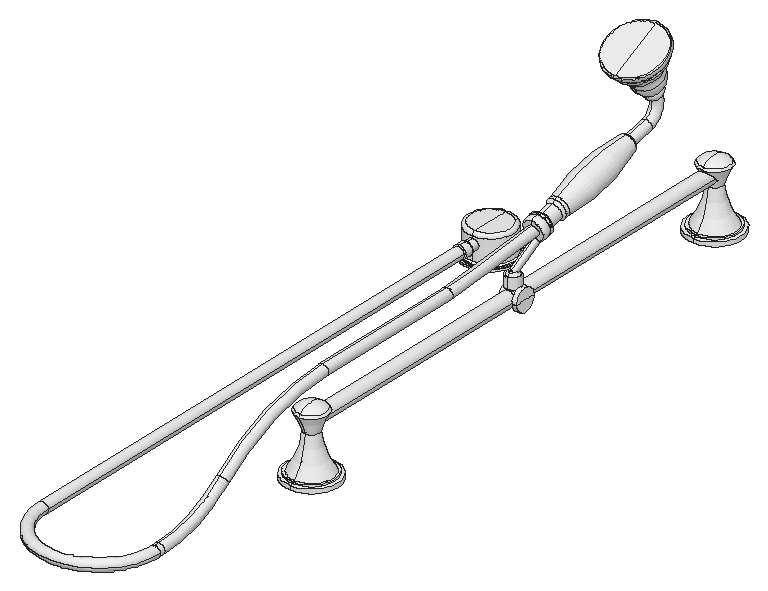
Revit family "Shower_Set-DXV-Fitzgerald-D35160780_Series", category Plumbing Fixtures, host Face, Revit 2014
Parameters (values of type "D35160780.100")
  Waste Connection = no
  Warranty Documentation Link = "https://www.dxv.com/-/media/files/dxv/warranty/dxv_warranty_booklet.ashx"
  WFU = 4  # constant formula
  Vent Connection = no
  URL = "www.dxv.com"
  Type Comments = ""
  Tempered Water Connection Radius = 1/4"  # constant formula
  Tempered Water Connection Diameter = Tempered Water Connection Radius * 2  # 1/2"
  Product Page URL = "https://www.dxv.com/product/fitzgerald-personal-shower-set-with-hand-shower"
  Product Documentation Link = "https://dxv01.blob.core.windows.net/dxv-product-pdf-files/spec_D35160780_DXV_Fitzgerald_handshw_EN.pdf"
  Price = "Prices may vary. Please consult Manufacturer Representative for most up-to-date price list."  # constant formula
  Model = "D35160780.100"
  Material = "Metal-DXV-100-Polished Chrome"
  Manufacturer = "DXV"
  Length = 3 3/16"  # constant formula
  Installation Type = "Wall Mounted"  # constant formula
  Hot Water Connection Radius = 1/2"  # constant formula
  Hot Water Connection Diameter = Hot Water Connection Radius * 2  # 1"
  Height = 23 9/16"  # constant formula
  HWFU = 3  # constant formula
  HW Connection = yes
  Fnish = Metal-DXV-100-Polished Chrome
  Flow Rate = "1.8 gpm (6.8 L/min)"  # constant formula
  Description = "Fitzgerald Personal Shower Set with Slide Bar & Elbow"  # constant formula
  Default Elevation = 74"  # constant formula
  Creation Date = "10/26/2018"  # constant formula
  Cold Water Connection Radius = 1/2"  # constant formula
  Cold Water Connection Diameter = Cold Water Connection Radius * 2  # 1"
  CalGreen Compliant = yes
  CWFU = 3  # constant formula
  CW Connection = yes
  Assembly Code = "D2010710"
Types (4): name | Model | Material | Fnish
  (no name) | "D35160780.100" | "Metal-DXV-100-Polished Chrome" | Metal-DXV-100-Polished Chrome
  D35160780.100 | "D35160780.100" | "Metal-DXV-100-Polished Chrome" | Metal-DXV-100-Polished Chrome
  D35160780.144 | "D35102780.144" | "Metal-DXV-144-Brushed Nickel" | Metal-DXV-144-Brushed Nickel
  D35160780.150 | "D35160780.150" | "Metal-DXV-150-Platinum Nickel" | Metal-DXV-150-Platinum Nickel
Reference planes (in)
  plane 1 "Center (Front/Back)": y = 0
  plane 2: z = 0
  plane 3 "Center (Left/Right)": x = 0
  plane 4: y = -13.125
  plane 5: y = 13.125
  plane 6: y = -10.875
  plane 7: y = 10.875
  plane 8: z = 0
  plane 9: x = -5.25
  plane 10: y = -16.19421
  plane 11: x = 1.38281
  plane 12: x = -6.42969
  plane 13: z = 9.9375
  plane 14: y = 6.25743
  plane 15: y = 4.24202
  plane 16: y = 5.24972
  plane 17: z = 3.1875
  plane 18: y = -11.78125
  plane 19: y = 11.78125
  plane 20: z = 3.1875
  plane 21: z = 3.1875
Forms (in)
  Sweep 1, solid, material "Metal-DXV-100-Polished Chrome"
    path origin (0, 0, -0.4375) x (0, 1, 0) y (0, 0, 1)
      loop
        line (12, 2.875) -> (-12, 2.875)
    profile origin (0, 0, 2.4375) x (0, 0, -1) y (1, 0, 0)
      loop
        circle (0, 0) r 0.33333
  Revolve 2, solid, material "Metal-DXV-100-Polished Chrome"
    sketch origin (-5.25, 38.48532, -13.65802) x (0, 1, 0) y (0, 0, 1)
      loop
        line (-33.85973, 14.56427) -> (-33.85973, 14.81427) -> (-34.642, 14.81427) -> (-34.65975, 14.84501)
        arc (-34.65975, 14.84501) -> (-34.6769, 14.86217) -> (-34.70034, 14.86845) r 0.04688
        line (-34.70034, 14.86845) -> (-35.06242, 14.86845)
        arc (-35.06242, 14.86845) -> (-35.09587, 14.85459) -> (-35.10973, 14.82114) r 0.04731
        line (-35.10973, 14.82114) -> (-35.10973, 14.56427) -> (-33.85973, 14.56427)
      axis (-35.10973, 14.56427) -> (-33.85973, 14.56427)
    angle from 0 to 360
  Sweep 3, solid, material "Metal-DXV-100-Polished Chrome"
    path origin (0, 0, 0) x (1, 0, 0) y (0, 1, 0)
      loop
        line (-5.25, 3.37595) -> (-5.25, -20.93691)
        arc (-5.25, -20.93691) -> (-2.625, -23.56191) -> (0, -20.93691) r 2.625
    profile origin (-5.25, -8.78048, 0) x (1, 0, 0) y (0, 0, 1)
      loop
        circle (0, 0.90625) r 0.25
  Revolve 4, solid, material "Metal-DXV-100-Polished Chrome"
    sketch origin (0, -26.67789, -36.23089) x (0, 0.224951, -0.97437) y (0, 0.97437, 0.224951)
      loop
        line (-33.08335, 36.72771) -> (-33.03207, 36.72771) -> (-33.03207, 36.81818) -> (-33.18976, 36.97587) -> (-33.18976, 37.57238) -> (-33.08908, 37.71616) -> (-33.08908, 37.89225)
        arc (-33.08908, 37.89225) -> (-32.88789, 39.93478) -> (-33.15375, 41.96991) r 9.01777
        line (-33.15375, 41.96991) -> (-33.30182, 42.11798) -> (-33.55182, 42.11798) -> (-33.55182, 36.33392) -> (-33.08335, 36.33392)
        arc (-33.08335, 36.33392) -> (-33.03102, 36.53082) -> (-33.08335, 36.72771) r 0.39662
      axis (-33.55182, 36.33392) -> (-33.55182, 42.11798)
    angle from 0 to 360
  Revolve 5, solid, material "Metal-DXV-100-Polished Chrome"
    sketch origin (0, -1.69762, -48.05616) x (0, 0.656059, -0.75471) y (0, 0.75471, 0.656059)
      loop
        line (-35.24822, 43.84259) -> (-35.15686, 44.18357)
        arc (-35.15686, 44.18357) -> (-35.28884, 44.28568) -> (-35.4557, 44.28777) r 0.26289
        arc (-35.4557, 44.28777) -> (-35.69507, 44.62781) -> (-36.06304, 44.82153) r 0.88772
        arc (-36.06304, 44.82153) -> (-36.25401, 44.88858) -> (-36.42998, 44.98857) r 1.13198
        arc (-36.42998, 44.98857) -> (-36.6686, 45.18662) -> (-36.86955, 45.4228) r 1.79427
        arc (-36.86955, 45.4228) -> (-36.88165, 45.50508) -> (-36.96392, 45.51717) r 0.06968
        arc (-36.96392, 45.51717) -> (-37.02035, 45.55467) -> (-37.05785, 45.6111) r 0.17145
        arc (-37.05785, 45.6111) -> (-37.17077, 45.76077) -> (-37.34296, 45.83498) r 0.36638
        arc (-37.34296, 45.83498) -> (-37.37187, 45.82864) -> (-37.38921, 45.80466) r 0.04153
        line (-37.38921, 45.80466) -> (-37.73631, 44.50927) -> (-35.24822, 43.84259)
      axis (-37.73631, 44.50927) -> (-35.24822, 43.84259)
    angle from 0 to 360
  Sweep 6, solid, material "Metal-DXV-100-Polished Chrome"
    path origin (0, -26.52829, -36.87888) x (0, 0.224951, -0.97437) y (0, 0.97437, 0.224951)
      loop
        line (-34.21686, 41.96991) -> (-34.21686, 43.13331)
        arc (-34.21686, 43.13331) -> (-34.49998, 43.72027) -> (-35.13558, 43.86409) r 0.75
        line (-35.13558, 43.86409) -> (-35.53623, 43.77159)
    profile origin (0, 7.23561, 6.03304) x (0, -0.224951, 0.97437) y (1, 0, 0)
      loop
        circle (0, 0) r 0.25
  Sweep 7, solid, material "Metal-DXV-100-Polished Chrome"
    path origin (0, 0, 0) x (0, 1, 0) y (0, 0, 1)
      loop
        arc (1.79132, 4.75649) -> (-1.01806, 4.34533) -> (-3.85404, 4.20784) r 29.31841
        line (-3.85404, 4.20784) -> (-11.11503, 4.20784)
        arc (-11.11503, 4.20784) -> (-14.21274, 3.68861) -> (-16.97183, 2.18768) r 9.5
        arc (-16.97183, 2.18768) -> (-18.72197, 1.23561) -> (-20.68691, 0.90625) r 6.02604
        line (-20.68691, 0.90625) -> (-20.93691, 0.90625)
    profile origin (0, -7.48453, 4.20784) x (0, 0, -1) y (1, 0, 0)
      loop
        circle (0, 0) r 0.25
  Revolve 8, solid, material "Metal-DXV-100-Polished Chrome"
    sketch origin (-5.25, 0, 0) x (0, 1, 0) y (0, 0, 1)
      loop
        line (5.24972, 0) -> (6.49972, 0) -> (6.49972, 0.08991) -> (6.42621, 0.08991) -> (6.42621, 0.13594) -> (6.38019, 0.13594) -> (6.30938, 0.20674) -> (6.30938, 1.25834)
        arc (6.30938, 1.25834) -> (6.26482, 1.36591) -> (6.15725, 1.41047) r 0.15213
        line (6.15725, 1.41047) -> (5.24972, 1.41047) -> (5.24972, 0)
      axis (5.24972, 0) -> (5.24972, 1.41047)
    angle from 0 to 360
  Revolve 9, solid, material "Metal-DXV-100-Polished Chrome"
    sketch origin (0, 0, 0) x (0, 1, 0) y (0, 0, 1)
      loop
        line (0, 2.4297) -> (0.25, 2.4297) -> (0.25, 2.875) -> (0.33602, 2.875) -> (0.33602, 3.35938) -> (0.27385, 3.35938)
        arc (0.27385, 3.35938) -> (0.1653, 3.49394) -> (0, 3.54459) r 0.29506
        line (0, 3.54459) -> (0, 2.4297)
      axis (0, 3.54459) -> (0, 2.4297)
    angle from 0 to 360
  Revolve 10, solid, material "Metal-DXV-100-Polished Chrome"
    sketch origin (0, 0, 0) x (0, 1, 0) y (0, 0, 1)
      loop
        line (-0.1633, 3.3363) -> (1.53058, 4.27523) -> (1.49281, 4.34338)
        arc (1.49281, 4.34338) -> (1.44682, 4.37996) -> (1.38844, 4.3733) r 0.07677
        line (1.38844, 4.3733) -> (-0.14685, 3.52228)
        arc (-0.14685, 3.52228) -> (-0.17412, 3.49727) -> (-0.18704, 3.46259) r 0.07914
        arc (-0.18704, 3.46259) -> (-0.18492, 3.39761) -> (-0.1633, 3.3363) r 0.21299
      axis (1.53058, 4.27523) -> (-0.1633, 3.3363)
    angle from 0 to 360
  Revolve 11, solid, material "Metal-DXV-100-Polished Chrome"
    sketch origin (0, 0, 2.45312) x (1, 0, 0) y (0, 1, 0)
      loop
        line (-0.3106, 0) -> (0.56547, 0) -> (0.56547, 0.5) -> (0.35205, 0.5) -> (0.35205, 0.38848) -> (-0.35507, 0.38848) -> (-0.35507, 0.22391) -> (-0.3106, 0.22391) -> (-0.3106, 0)
      axis (0.56547, 0) -> (-0.35507, 0)
    angle from 0 to 360
  Revolve 12, solid, material "Metal-DXV-100-Polished Chrome"
    sketch origin (0, 0.21875, 0) x (0, -1, 0) y (0, 0, 1)
      loop
        line (12, 0) -> (13.22804, 0) -> (13.22804, 0.19358) -> (13.08333, 0.2234) -> (13.08333, 0.28923) -> (12.96219, 0.28923)
        arc (12.96219, 0.28923) -> (12.53863, 1.09531) -> (12.34495, 1.98507) r 3.3894
        arc (12.34495, 1.98507) -> (12.49626, 2.41981) -> (12.72356, 2.8201) r 2.53964
        line (12.72356, 2.8201) -> (12.64936, 2.92606)
        arc (12.64936, 2.92606) -> (12.3496, 3.11811) -> (12, 3.18532) r 0.94284
        line (12, 3.18532) -> (12, 0)
      axis (12, 0) -> (12, 3.18532)
    angle from 0 to 360
  Revolve 13, solid, material "Metal-DXV-100-Polished Chrome"
    sketch origin (0, -0.21875, 0) x (0, 1, 0) y (0, 0, 1)
      loop
        line (12, 0) -> (13.22804, 0) -> (13.22804, 0.19358) -> (13.08333, 0.2234) -> (13.08333, 0.28923) -> (12.96219, 0.28923)
        arc (12.96219, 0.28923) -> (12.53863, 1.09531) -> (12.34495, 1.98507) r 3.3894
        arc (12.34495, 1.98507) -> (12.49626, 2.41981) -> (12.72356, 2.8201) r 2.53964
        line (12.72356, 2.8201) -> (12.64936, 2.92606)
        arc (12.64936, 2.92606) -> (12.3496, 3.11811) -> (12, 3.18532) r 0.94284
        line (12, 3.18532) -> (12, 0)
      axis (12, 0) -> (12, 3.18532)
    angle from 0 to 360
Cuts and joins
  joined: Sweep 1, Revolve 9, Revolve 11
  joined: Revolve 2, Sweep 3, Revolve 4, Sweep 7, Revolve 8, Revolve 10
Lines and regions (in)
  Masking region 1
    outline origin (-6.41584, 0, 0.26014) x (0, 0, -1) y (1, 0, 0)
      loop
        line (0.26014, 7.64729) -> (0.06553, 7.64729) -> (0.03674, 7.49916) -> (-0.02909, 7.49916) -> (-0.02909, 7.37802)
        arc (-0.02909, 7.37802) -> (-0.83198, 6.94569) -> (-1.72494, 6.76079) r 3.15804
        arc (-1.72494, 6.76079) -> (-2.16042, 6.91044) -> (-2.55996, 7.13939) r 2.43531
        line (-2.55996, 7.13939) -> (-2.66592, 7.0652)
        arc (-2.66592, 7.0652) -> (-2.78697, 6.90308) -> (-2.87117, 6.7191) r 0.95522
        line (-2.87117, 6.7191) -> (-3.28295, 6.7191) -> (-3.28295, 6.75991)
        arc (-3.28295, 6.75991) -> (-3.53075, 6.80015) -> (-3.78173, 6.79478) r 1.37866
        arc (-3.78173, 6.79478) -> (-3.87277, 6.75708) -> (-3.91047, 6.66604) r 0.12874
        line (-3.91047, 6.66604) -> (-3.98782, 6.66604)
        arc (-3.98782, 6.66604) -> (-4.04847, 6.73898) -> (-4.1214, 6.79963) r 0.51795
        arc (-4.1214, 6.79963) -> (-4.25114, 6.89014) -> (-4.40388, 6.93135) r 0.45997
        arc (-4.40388, 6.93135) -> (-4.49953, 6.93318) -> (-4.59446, 6.92136) r 0.66935
        arc (-4.59446, 6.92136) -> (-4.89512, 7.04769) -> (-5.21989, 7.0773) r 1.06703
        arc (-5.21989, 7.0773) -> (-5.63674, 6.95579) -> (-5.96145, 6.66754) r 0.98967
        line (-5.96145, 6.66754) -> (-6.94174, 6.66754)
        arc (-6.94174, 6.66754) -> (-7.09532, 6.81677) -> (-7.30899, 6.83105) r 0.31041
        arc (-7.30899, 6.83105) -> (-7.51837, 7.02101) -> (-7.78089, 7.12592) r 0.79693
        arc (-7.78089, 7.12592) -> (-7.9594, 7.1535) -> (-8.13974, 7.16364) r 1.85995
        arc (-8.13974, 7.16364) -> (-8.34141, 7.22982) -> (-8.52173, 7.34177) r 0.89203
        arc (-8.52173, 7.34177) -> (-8.65652, 7.5168) -> (-8.85686, 7.60992) r 0.46521
        arc (-8.85686, 7.60992) -> (-9.112, 7.76782) -> (-9.41121, 7.79004) r 0.63107
        arc (-9.41121, 7.79004) -> (-9.61212, 7.66008) -> (-9.74208, 7.45917) r 0.57059
        arc (-9.74208, 7.45917) -> (-9.86542, 7.13679) -> (-9.93166, 6.79803) r 2.00594
        arc (-9.93166, 6.79803) -> (-9.95212, 6.41584) -> (-9.93166, 6.03364) r 3.57992
        arc (-9.93166, 6.03364) -> (-9.86542, 5.69489) -> (-9.74208, 5.3725) r 2.00594
        arc (-9.74208, 5.3725) -> (-9.61212, 5.17159) -> (-9.41121, 5.04163) r 0.57059
        arc (-9.41121, 5.04163) -> (-9.112, 5.06385) -> (-8.85686, 5.22175) r 0.63107
        arc (-8.85686, 5.22175) -> (-8.65652, 5.31487) -> (-8.52173, 5.48991) r 0.46521
        arc (-8.52173, 5.48991) -> (-8.34141, 5.60186) -> (-8.13974, 5.66803) r 0.89203
        arc (-8.13974, 5.66803) -> (-7.9594, 5.67817) -> (-7.78089, 5.70575) r 1.85995
        arc (-7.78089, 5.70575) -> (-7.51837, 5.81066) -> (-7.30899, 6.00062) r 0.79693
        arc (-7.30899, 6.00062) -> (-7.09532, 6.0149) -> (-6.94174, 6.16413) r 0.31041
        line (-6.94174, 6.16413) -> (-5.96145, 6.16413)
        arc (-5.96145, 6.16413) -> (-5.63674, 5.87589) -> (-5.21989, 5.75437) r 0.98967
        arc (-5.21989, 5.75437) -> (-4.89512, 5.78398) -> (-4.59446, 5.91031) r 1.06703
        arc (-4.59446, 5.91031) -> (-4.49953, 5.89849) -> (-4.40388, 5.90032) r 0.66935
        arc (-4.40388, 5.90032) -> (-4.25114, 5.94153) -> (-4.1214, 6.03204) r 0.45997
        arc (-4.1214, 6.03204) -> (-4.04847, 6.09269) -> (-3.98782, 6.16563) r 0.51795
        line (-3.98782, 6.16563) -> (-3.91047, 6.16563)
        arc (-3.91047, 6.16563) -> (-3.87277, 6.0746) -> (-3.78173, 6.03689) r 0.12874
        arc (-3.78173, 6.03689) -> (-3.53075, 6.03153) -> (-3.28295, 6.07177) r 1.37866
        line (-3.28295, 6.07177) -> (-3.28295, 6.11258) -> (-2.87117, 6.11258)
        arc (-2.87117, 6.11258) -> (-2.78697, 5.9286) -> (-2.66592, 5.76647) r 0.95522
        line (-2.66592, 5.76647) -> (-2.55996, 5.69228)
        arc (-2.55996, 5.69228) -> (-2.16042, 5.92123) -> (-1.72494, 6.07089) r 2.43531
        arc (-1.72494, 6.07089) -> (-1.30507, 6.01755) -> (-0.89611, 5.90855) r 3.15804
        line (-0.89611, 5.90855) -> (-0.89611, 2.22549) -> (-0.99282, 2.22549)
        arc (-0.99282, 2.22549) -> (-1.11306, 2.17569) -> (-1.16286, 2.05545) r 0.17004
        line (-1.16286, 2.05545) -> (-1.16286, 0.27622)
        arc (-1.16286, 0.27622) -> (-1.11306, 0.15598) -> (-0.99282, 0.10618) r 0.17004
        line (-0.99282, 0.10618) -> (0.05339, 0.10618) -> (0.1242, 0.03537) -> (0.1242, -0.01065) -> (0.17023, -0.01065) -> (0.17023, -0.08416) -> (0.26014, -0.08416) -> (0.26014, 2.41584) -> (0.17023, 2.41584) -> (0.17023, 2.34232) -> (0.1242, 2.34232) -> (0.1242, 2.2963) -> (0.05339, 2.22549) -> (-0.39611, 2.22549) -> (-0.39611, 5.68878)
        arc (-0.39611, 5.68878) -> (-0.20854, 5.57755) -> (-0.02909, 5.45365) r 3.15804
        line (-0.02909, 5.45365) -> (-0.02909, 5.33251) -> (0.03674, 5.33251) -> (0.06553, 5.18438) -> (0.26014, 5.18438) -> (0.26014, 7.64729)
  symbolic lines, detail levels medium+fine
    curve 1: arc (0.50553, 0, 4.8546) -> (0, 0, 4.54517) -> (-0.50553, 0, 4.8546) r 0.56766
    curve 15: arc (-0.50729, 0, 1.15625) -> (-0.59613, 0, 0.897) -> (-0.72706, 0, 0.65625) r 1.63337
    curve 16: line (-4.19034, 0, 0.65625) -> (-4.19034, 0, 1.15625)
    curve 17: arc (0.30326, 0, 3.13131) -> (0, 0, 3.17049) -> (-0.30326, 0, 3.13131) r 1.19305
  symbolic lines, detail levels fine
    curve 2: line (0.30326, 0, 3.54309) -> (-0.30326, 0, 3.54309)
    curve 3: line (0.25021, 0, 4.17061) -> (0.14457, 0, 4.17061)
    curve 4: line (0.15477, 0, 3.92797) -> (0.14347, 0, 4.19703)
    curve 5: line (-0.25021, 0, 4.17061) -> (-0.14457, 0, 4.17061)
    curve 6: line (-0.15477, 0, 3.92797) -> (-0.14347, 0, 4.19703)
    curve 7: arc (0.15477, 0, 3.92797) -> (0, 0, 3.77321) -> (-0.15477, 0, 3.92797) r 0.15477
    curve 8: arc (0.25021, 0, 4.24795) -> (0, 0, 4.17413) -> (-0.25021, 0, 4.24795) r 0.46091
    curve 9: arc (0.4545, 0, 4.77273) -> (0, 0, 4.31823) -> (-0.4545, 0, 4.77273) r 0.4545
    curve 10: arc (0.33981, 0, 4.65811) -> (0, 0, 4.43393) -> (-0.33981, 0, 4.65811) r 0.36963
    curve 11: line (0.2517, 0, 6.22159) -> (0.2517, 0, 5.90886)
    curve 12: line (-0.2517, 0, 6.22159) -> (-0.2517, 0, 5.90886)
    curve 13: arc (-0.2517, 0, 5.90886) -> (0, 0, 5.65716) -> (0.2517, 0, 5.90886) r 0.2517
    curve 14: arc (0.2517, 0, 6.20035) -> (0, 0, 5.5127) -> (-0.2517, 0, 6.20035) r 0.38989
    curve 18: line (0.72356, 0, 2.8201) -> (-0.72356, 0, 2.8201)
    curve 19: line (0.64936, 0, 2.92606) -> (-0.64936, 0, 2.92606)
    curve 20: line (0.34495, 0, 1.98507) -> (-0.34495, 0, 1.98507)
    curve 21: line (0.96219, 0, 0.28923) -> (-0.96219, 0, 0.28923)
    curve 22: line (1.08333, 0, 0.2234) -> (-1.08333, 0, 0.2234)
    curve 23: line (-4.19034, 0, 0.20674) -> (-6.30966, 0, 0.20674)
    curve 24: line (-4.11954, 0, 0.13594) -> (-6.38046, 0, 0.13594)
    curve 25: line (-4.07351, 0, 0.08991) -> (-6.5, 0, 0.08991)
    curve 26: arc (0.41521, 0, 7.56913) -> (0.34824, 0, 7.65679) -> (0.25297, 0, 7.71241) r 0.28464
    curve 27: arc (-0.41521, 0, 7.56913) -> (-0.35277, 0, 7.64997) -> (-0.27193, 0, 7.71241) r 0.40093
    curve 28: arc (-0.27193, 0, 7.71241) -> (-0.00948, 0, 7.74977) -> (0.25297, 0, 7.71241) r 0.9405
    curve 29: arc (0.34716, 0, 7.27304) -> (0.33915, 0, 7.35065) -> (0.28485, 0, 7.40667) r 0.11917
    curve 30: arc (0.28485, 0, 7.40667) -> (0.00742, 0, 7.45867) -> (-0.27002, 0, 7.40667) r 0.76601
    curve 31: arc (-0.27002, 0, 7.40667) -> (-0.33255, 0, 7.34812) -> (-0.33721, 0, 7.26258) r 0.11492
    curve 32: line (0.2517, 0, 7.20188) -> (0.2517, 0, 7.41868)
    curve 33: line (-0.2517, 0, 7.20188) -> (-0.2517, 0, 7.41352)
    curve 34: arc (0.92593, 0, 8.78187) -> (0.9617, 0, 8.83874) -> (1.01149, 0, 8.88384) r 0.24649
    curve 35: arc (1.01149, 0, 8.88384) -> (1.10537, 0, 9.01875) -> (1.08581, 0, 9.18194) r 0.23108
    curve 36: arc (1.08581, 0, 9.18194) -> (0.94328, 0, 9.35282) -> (0.74299, 0, 9.44978) r 0.52786
    curve 37: arc (0.74299, 0, 9.44978) -> (-0.08811, 0, 9.56575) -> (-0.90628, 0, 9.37924) r 2.32588
    curve 38: arc (1.19409, 0, 9.117) -> (1.16087, 0, 9.26612) -> (1.07228, 0, 9.39058) r 0.38504
    curve 39: arc (1.07228, 0, 9.39058) -> (0.83493, 0, 9.55406) -> (0.55997, 0, 9.64045) r 0.9684
    curve 40: arc (0.55997, 0, 9.64045) -> (-0.00976, 0, 9.70281) -> (-0.57913, 0, 9.63726) r 2.56795
    curve 41: arc (-0.92593, 0, 8.78187) -> (-0.9617, 0, 8.83874) -> (-1.01149, 0, 8.88384) r 0.24649
    curve 42: arc (-1.01149, 0, 8.88384) -> (-1.10537, 0, 9.01875) -> (-1.08581, 0, 9.18194) r 0.23108
    curve 43: arc (-1.08581, 0, 9.18194) -> (-1.00872, 0, 9.29212) -> (-0.90628, 0, 9.37924) r 0.52786
    curve 44: arc (-1.19409, 0, 9.117) -> (-1.16087, 0, 9.26612) -> (-1.07228, 0, 9.39058) r 0.38504
    curve 45: arc (-1.07228, 0, 9.39058) -> (-0.84363, 0, 9.54976) -> (-0.57913, 0, 9.63726) r 0.9684
Dimensions and locks (in)
  plane 5 to plane 7 = 2 1/4"
  locked: plane 12 to plane 11 at 7.8125
  locked: plane 13 to level at 9.9375
  equal spacing: plane 19, plane 1 "Center (Front/Back)", plane 18
  plane 19 to plane 18 = 23 9/16"
  aligned and locked: plane 2 to host face
  aligned and locked: level to host face
Automatic sketch dimensions
  host sketch curve to host sketch curve = 96"  (x2)
  plane 18 to Sweep 1 sketch curve = 7/32"
  Sweep 1 sketch curve to plane 17 = 3/4"
  plane 19 to Sweep 1 sketch curve = 7/32"
  Sweep 1 sketch curve to plane 3 "Center (Left/Right)" = 0"
  Sweep 1 sketch curve to profile plane = 0"
  plane 15 to Revolve 2 sketch curve = 0.86642"
  Revolve 2 sketch curve to Revolve 2 sketch curve = 0.04731"
  Revolve 2 sketch curve to Revolve 2 sketch curve = 0.36208"
  Revolve 2 sketch curve to Revolve 2 sketch curve = 0.04059"
  Revolve 2 sketch curve to Revolve 2 sketch curve = 0.01775"
  Revolve 2 sketch curve to plane 15 = 0.38358"
  level to Revolve 2 sketch curve = 29/32"  (x2)
  Revolve 2 sketch curve to Revolve 2 sketch curve = 1/4"
  Revolve 2 sketch curve to Revolve 2 sketch curve = 0.25686"
  Revolve 2 sketch curve to Revolve 2 sketch curve = 3/64"
  Revolve 2 sketch curve to plane 14 = 0.87055"
  Revolve 2 sketch curve to Revolve 2 sketch curve = 1/2"
  Sweep 3 sketch curve to plane 9 = 0"
  Sweep 3 sketch curve to plane 3 "Center (Left/Right)" = 0"
  Sweep 3 sketch curve to plane 10 = 4.74269"
  plane 15 to Sweep 3 sketch curve = 0.86607"
  profile plane to Sweep 3 sketch curve = 0"
  level to Sweep 3 sketch curve = 29/32"
  plane 15 to Revolve 4 sketch curve = 1.57444"
  plane 13 to Revolve 4 sketch curve = 3.61333"
  Revolve 4 sketch curve to Revolve 4 sketch curve = 8.3527"
  Revolve 4 sketch curve to Revolve 4 sketch curve = 0.12418"
  Revolve 4 sketch curve to Revolve 4 sketch curve = 1/4"
  Revolve 4 sketch curve to Revolve 4 sketch curve = 0.23788"
  Revolve 4 sketch curve to Revolve 4 sketch curve = 0.14807"  (x2)
  Revolve 4 sketch curve to Revolve 4 sketch curve = 0.10068"
  Revolve 4 sketch curve to Revolve 4 sketch curve = 0.34429"
  Revolve 4 sketch curve to Revolve 4 sketch curve = 0.10642"
  Revolve 4 sketch curve to Revolve 4 sketch curve = 0.05127"
  Revolve 4 sketch curve to Revolve 4 sketch curve = 1.89954"
  Revolve 4 sketch curve to Revolve 4 sketch curve = 0.17609"
  Revolve 4 sketch curve to Revolve 4 sketch curve = 0.14378"
  Revolve 4 sketch curve to Revolve 4 sketch curve = 0.59651"
  Revolve 4 sketch curve to Revolve 4 sketch curve = 0.15769"
  Revolve 4 sketch curve to Revolve 4 sketch curve = 0.09047"
  Revolve 4 sketch curve to Revolve 4 sketch curve = 0.19689"
  Revolve 4 sketch curve to Revolve 4 sketch curve = 0"
  Revolve 4 sketch curve to Revolve 4 sketch curve = 1.67391"
  Revolve 4 sketch curve to Revolve 4 sketch curve = 2"
  Revolve 5 sketch curve to plane 13 = 0.313"
  Revolve 5 sketch curve to plane 14 = 0.87928"
  Revolve 5 sketch curve to Revolve 5 sketch curve = 0.33926"
  Revolve 5 sketch curve to Revolve 5 sketch curve = 0.00784"
  Revolve 5 sketch curve to Revolve 5 sketch curve = 0.04012"
  Revolve 5 sketch curve to Revolve 5 sketch curve = 0.46613"
  Revolve 5 sketch curve to Revolve 5 sketch curve = 0.03179"
  Revolve 5 sketch curve to Revolve 5 sketch curve = 1.45522"
  Revolve 5 sketch curve to Revolve 5 sketch curve = 1.11412"
  Revolve 5 sketch curve to Revolve 5 sketch curve = 0.37736"
  Revolve 5 sketch curve to Revolve 5 sketch curve = 0.90569"
  Revolve 5 sketch curve to Revolve 5 sketch curve = 0.12718"
  Revolve 5 sketch curve to Revolve 5 sketch curve = 0.21854"
  Revolve 5 sketch curve to Revolve 5 sketch curve = 0.32571"
  Revolve 5 sketch curve to Revolve 5 sketch curve = 0.19486"
  Revolve 5 sketch curve to Revolve 5 sketch curve = 0.07644"
  Revolve 5 sketch curve to Revolve 5 sketch curve = 0.34885"
  Revolve 5 sketch curve to Revolve 5 sketch curve = 85/256"
  Revolve 5 sketch curve to Revolve 5 sketch curve = 0.22009"
  Revolve 5 sketch curve to Revolve 5 sketch curve = 0.01075"
  Revolve 5 sketch curve to Revolve 5 sketch curve = 0.24293"
  Revolve 5 sketch curve to Revolve 5 sketch curve = 0.54427"
  Revolve 5 sketch curve to Revolve 5 sketch curve = 0"  (x4)
  Revolve 5 sketch curve to Revolve 5 sketch curve = 0.03301"
  Revolve 5 sketch curve to Revolve 5 sketch curve = 0.06136"
  Revolve 5 sketch curve to Revolve 5 sketch curve = 0.32471"
  Revolve 5 sketch curve to Revolve 5 sketch curve = 1.36658"
  Revolve 5 sketch curve to Revolve 5 sketch curve = 0.08701"
  Revolve 5 sketch curve to Revolve 5 sketch curve = 0.36617"
  Sweep 6 sketch curve to plane 14 = 2.05035"
  Sweep 6 sketch curve to plane 13 = 2.71405"
  Sweep 6 sketch curve to Sweep 6 sketch curve = 0.16871"
  Sweep 6 sketch curve to Sweep 6 sketch curve = 3/4"
  Sweep 6 sketch curve to Sweep 6 sketch curve = 0.40065"
  Sweep 6 sketch curve to Sweep 6 sketch curve = 1.1634"
  Sweep 6 sketch curve to Sweep 6 sketch curve = 0.0925"
  Sweep 6 sketch curve to profile plane = 0"  (x2)
  Sweep 7 sketch curve to plane 10 = 4.49269"
  plane 6 to Sweep 7 sketch curve = 0.24003"
  plane 1 "Center (Front/Back)" to Sweep 7 sketch curve = 3.85404"
  Sweep 7 sketch curve to level = 5.29216"
  level to Sweep 7 sketch curve = 29/32"
  plane 17 to Sweep 7 sketch curve = 1.02034"
  Sweep 7 sketch curve to plane 13 = 3.00521"
  plane 13 to Sweep 7 sketch curve = 23.58875"
  Sweep 7 sketch curve to Sweep 7 sketch curve = 1/4"
  plane 17 to Sweep 7 sketch curve = 1.56899"
  Sweep 7 sketch curve to plane 3 "Center (Left/Right)" = 0"
  Sweep 7 sketch curve to profile plane = 0"
  curve 13 to plane 3 "Center (Left/Right)" = 0"
  curve 14 to plane 3 "Center (Left/Right)" = 0"
  curve 1 to plane 3 "Center (Left/Right)" = 0"
  curve 10 to plane 3 "Center (Left/Right)" = 0"
  curve 8 to plane 3 "Center (Left/Right)" = 0"
  curve 7 to plane 3 "Center (Left/Right)" = 0"
  curve 17 to plane 3 "Center (Left/Right)" = 0"
  curve 38 to plane 11 = 0.5737"
  curve 38 to plane 13 = 0.828"
  curve 44 to plane 13 = 0.828"
  curve 44 to curve 42 = 0.03485"
  curve 38 to curve 35 = 0.03485"
  curve 44 to curve 43 = 0.17265"
  curve 38 to curve 36 = 0.17265"
  curve 43 to curve 45 = 0.25319"
  curve 36 to curve 39 = 0.25319"
  curve 42 to curve 41 = 0.39435"
  curve 34 to plane 11 = 0.23229"
  curve 35 to curve 34 = 0.39435"
  plane 3 "Center (Left/Right)" to curve 26 = 0.15983"
  curve 39 to curve 26 = 1.24022"
  curve 27 to plane 3 "Center (Left/Right)" = 0.06928"
  curve 26 to curve 27 = 0.07697"
  curve 26 to curve 29 = 0.14316"
  curve 27 to curve 31 = 0.06693"
  plane 3 "Center (Left/Right)" to curve 37 = 0.01127"
  curve 27 to curve 37 = 0.12448"
  curve 40 to plane 3 "Center (Left/Right)" = 0.00256"
  curve 37 to curve 40 = 0.10712"
  curve 28 to plane 3 "Center (Left/Right)" = 0.00948"
  curve 40 to curve 28 = 0.3256"
  plane 3 "Center (Left/Right)" to curve 30 = 0.00742"
  curve 28 to curve 30 = 0.11661"
  curve 30 to curve 13 = 0.78381"
  curve 13 to curve 14 = 0.00626"
  curve 14 to curve 1 = 0.78976"
  curve 1 to curve 10 = 0.30926"
  curve 10 to curve 9 = 0.03084"
  curve 9 to curve 8 = 0.13769"
  curve 6 to plane 3 "Center (Left/Right)" = 0.15477"
  curve 8 to curve 6 = 0.70707"
  curve 17 to plane 17 = 1.21006"
  level to curve 15 = 1.55424"
  curve 31 to curve 27 = 0.15912"
  curve 12 to plane 3 "Center (Left/Right)" = 0.2517"
  curve 45 to plane 3 "Center (Left/Right)" = 0.41041"
  curve 43 to curve 45 = 0.20789"
  curve 44 to curve 43 = 0.19082"
  curve 42 to curve 44 = 0.07204"
  curve 41 to curve 42 = 0.26937"
  curve 15 to plane 3 "Center (Left/Right)" = 2.09143"
  curve 26 to curve 29 = 0.07132"
  plane 3 "Center (Left/Right)" to curve 39 = 0.41041"
  curve 36 to curve 38 = 0.19082"
  curve 38 to curve 35 = 0.07204"
  curve 38 to curve 35 = 0.04235"
  curve 44 to curve 42 = 0.04235"
  curve 42 to curve 44 = 0.06494"
  curve 43 to curve 42 = 0"
  curve 35 to curve 38 = 0.06494"
  curve 36 to curve 35 = 0"
  curve 37 to curve 42 = 0.1973"
  curve 45 to curve 43 = 0.01134"
  curve 44 to curve 45 = 0"
  curve 39 to curve 35 = 0.20864"
  curve 38 to curve 39 = 0"
  curve 40 to plane 13 = 0.30024"
  curve 41 to curve 42 = 0"
  curve 34 to curve 35 = 0"
  curve 41 to curve 41 = 0.10196"
  curve 35 to curve 34 = 0.10196"
  curve 28 to curve 26 = 0.26897"
  curve 27 to plane 3 "Center (Left/Right)" = 0.27193"
  curve 27 to curve 27 = 0.34594"
  curve 28 to curve 26 = 0.14328"
  curve 27 to curve 27 = 0.14328"
  curve 26 to curve 32 = 0.02477"
  curve 33 to curve 31 = 0.11397"
  curve 33 to curve 30 = 0.00685"
  curve 31 to curve 30 = 0"
  curve 32 to curve 29 = 0.01201"
  curve 29 to curve 29 = 0.02724"
  curve 31 to curve 31 = 0.03697"
  curve 29 to curve 32 = 0.0984"
  curve 31 to curve 33 = 25/256"
  curve 12 to curve 13 = 0.31273"
  curve 11 to curve 11 = 0.31273"
  curve 11 to curve 14 = 0.02124"
  curve 1 to curve 9 = 0.08187"  (x2)
  curve 9 to curve 10 = 0.11462"
  curve 8 to curve 4 = 0.31998"
  curve 8 to curve 6 = 0.31998"
  curve 6 to plane 3 "Center (Left/Right)" = 0.14347"
  curve 8 to curve 6 = 0.05093"
  plane 3 "Center (Left/Right)" to curve 4 = 0.14347"
  curve 4 to curve 3 = 0.02641"
  curve 8 to curve 5 = 0.07734"
  plane 17 to curve 2 = 0.35559"
  curve 17 to plane 17 = 0.05619"  (x2)
  curve 19 to plane 17 = 0.26144"
  curve 19 to curve 18 = 0.10596"
  curve 20 to curve 17 = 0.00763"
  level to curve 16 = 1 5/32"
  curve 20 to curve 15 = 0.82882"
  curve 16 to curve 16 = 1/2"
  curve 15 to curve 15 = 1/2"
  level to curve 21 = 0.28923"
  curve 21 to curve 22 = 0.06583"
  level to curve 23 = 0.20674"
  plane 12 to curve 24 = 0.04922"
  curve 23 to curve 24 = 0.07081"  (x2)
  curve 24 to curve 25 = 0.04602"  (x2)
  curve 8 to curve 5 = 0"
  curve 17 to plane 3 "Center (Left/Right)" = 0.30326"
  curve 2 to plane 3 "Center (Left/Right)" = 0.30326"
  curve 10 to plane 3 "Center (Left/Right)" = 0.33981"
  curve 20 to plane 3 "Center (Left/Right)" = 0.34495"
  curve 15 to plane 3 "Center (Left/Right)" = 0.50729"
  curve 19 to curve 17 = 0.3461"
  curve 18 to curve 19 = 0.07419"
  curve 21 to curve 15 = 0.23513"
  curve 22 to curve 21 = 0.12114"
  curve 25 to plane 9 = 1.17649"
  curve 16 to curve 24 = 0.07081"
  curve 24 to curve 23 = 0.07081"
  curve 25 to plane 12 = 9/128"
  curve 8 to curve 3 = 0"
  plane 3 "Center (Left/Right)" to curve 2 = 0.30326"
  plane 3 "Center (Left/Right)" to curve 20 = 0.34495"
  curve 17 to curve 19 = 0.3461"
  curve 19 to curve 18 = 0.07419"
  curve 21 to plane 11 = 0.42062"
  curve 21 to curve 22 = 0.12114"
  Masking region 1 sketch curve to Masking region 1 sketch curve = 0"  (x16)
  Masking region 1 sketch curve to plane 3 "Center (Left/Right)" = 0"  (x2)
  Masking region 1 sketch curve to level = 0"  (x2)
  plane 12 to Masking region 1 sketch curve = 0.0032"
  level to Masking region 1 sketch curve = 0.08991"  (x2)
  plane 12 to Masking region 1 sketch curve = 0.04922"
  Masking region 1 sketch curve to Masking region 1 sketch curve = 0.04602"  (x3)
  Masking region 1 sketch curve to Masking region 1 sketch curve = 0.19461"  (x2)
  Masking region 1 sketch curve to Masking region 1 sketch curve = 0.07081"  (x3)
  Masking region 1 sketch curve to Masking region 1 sketch curve = 0.02879"  (x2)
  Masking region 1 sketch curve to Masking region 1 sketch curve = 0.06583"  (x2)
  Masking region 1 sketch curve to Masking region 1 sketch curve = 0.44951"
  Masking region 1 sketch curve to Masking region 1 sketch curve = 1/2"
  Masking region 1 sketch curve to Masking region 1 sketch curve = 0.09671"
  plane 12 to Masking region 1 sketch curve = 0.29007"
  Masking region 1 sketch curve to Masking region 1 sketch curve = 1.04621"
  level to Masking region 1 sketch curve = 1.41492"  (x2)
  Masking region 1 sketch curve to Masking region 1 sketch curve = 0.17004"
  Masking region 1 sketch curve to plane 17 = 1.01527"  (x2)
  Masking region 1 sketch curve to plane 17 = 0.962"
  Masking region 1 sketch curve to plane 17 = 0.3674"  (x2)
  Masking region 1 sketch curve to Masking region 1 sketch curve = 0.10596"  (x2)
  Masking region 1 sketch curve to plane 17 = 0.05619"  (x2)
  plane 17 to Masking region 1 sketch curve = 0.35559"  (x2)
  plane 17 to Masking region 1 sketch curve = 0.69956"  (x2)
  Masking region 1 sketch curve to plane 11 = 0.39182"
  Masking region 1 sketch curve to plane 3 "Center (Left/Right)" = 0.25021"
  Masking region 1 sketch curve to Masking region 1 sketch curve = 0.49878"
  plane 3 "Center (Left/Right)" to Masking region 1 sketch curve = 0.25021"
  Masking region 1 sketch curve to Masking region 1 sketch curve = 0.12874"  (x2)
  Masking region 1 sketch curve to Masking region 1 sketch curve = 0.07734"  (x2)
  plane 3 "Center (Left/Right)" to Masking region 1 sketch curve = 0.04311"
  Masking region 1 sketch curve to Masking region 1 sketch curve = 0.4269"
  Masking region 1 sketch curve to plane 3 "Center (Left/Right)" = 0.04311"
  Masking region 1 sketch curve to Masking region 1 sketch curve = 0.03082"  (x2)
  Masking region 1 sketch curve to Masking region 1 sketch curve = 0.01896"  (x2)
  Masking region 1 sketch curve to Masking region 1 sketch curve = 0.68876"  (x2)
  Masking region 1 sketch curve to Masking region 1 sketch curve = 0.00483"  (x2)
  Masking region 1 sketch curve to plane 3 "Center (Left/Right)" = 0.2517"
  Masking region 1 sketch curve to Masking region 1 sketch curve = 0.80336"
  plane 3 "Center (Left/Right)" to Masking region 1 sketch curve = 0.2517"
  Masking region 1 sketch curve to Masking region 1 sketch curve = 0.41075"
  Masking region 1 sketch curve to Masking region 1 sketch curve = 0.56954"
  plane 3 "Center (Left/Right)" to Masking region 1 sketch curve = 0.11736"
  Masking region 1 sketch curve to Masking region 1 sketch curve = 0.27984"
  Masking region 1 sketch curve to plane 3 "Center (Left/Right)" = 0.11736"
  plane 3 "Center (Left/Right)" to Masking region 1 sketch curve = 0.16804"
  Masking region 1 sketch curve to Masking region 1 sketch curve = 0.71561"
  Masking region 1 sketch curve to Masking region 1 sketch curve = 0.00349"  (x2)
  plane 11 to Masking region 1 sketch curve = 0.23963"
  Masking region 1 sketch curve to Masking region 1 sketch curve = 0.02723"  (x2)
  Masking region 1 sketch curve to Masking region 1 sketch curve = 0.1894"  (x2)
  Masking region 1 sketch curve to plane 11 = 0.27071"
  Masking region 1 sketch curve to plane 13 = 0.73019"  (x2)
  Masking region 1 sketch curve to Masking region 1 sketch curve = 0.26148"  (x2)
  Masking region 1 sketch curve to Masking region 1 sketch curve = 0.09835"  (x2)
  Masking region 1 sketch curve to plane 12 = 9/128"
  Masking region 1 sketch curve to plane 9 = 0.88962"
  Masking region 1 sketch curve to Masking region 1 sketch curve = 0.07351"
  Masking region 1 sketch curve to Masking region 1 sketch curve = 0.86295"
  Masking region 1 sketch curve to Masking region 1 sketch curve = 0.78486"  (x2)
  Masking region 1 sketch curve to plane 3 "Center (Left/Right)" = 1.62244"
  Masking region 1 sketch curve to plane 3 "Center (Left/Right)" = 1.23146"
  Masking region 1 sketch curve to Masking region 1 sketch curve = 0.51034"
  Masking region 1 sketch curve to Masking region 1 sketch curve = 0.14813"
  Masking region 1 sketch curve to Masking region 1 sketch curve = 0.61204"
  Masking region 1 sketch curve to Masking region 1 sketch curve = 0.12114"  (x2)
  Masking region 1 sketch curve to plane 3 "Center (Left/Right)" = 0.84078"
  Masking region 1 sketch curve to Masking region 1 sketch curve = 0.08898"  (x2)
  Masking region 1 sketch curve to Masking region 1 sketch curve = 0.10305"
  Masking region 1 sketch curve to plane 3 "Center (Left/Right)" = 0.72356"
  Masking region 1 sketch curve to Masking region 1 sketch curve = 0.07419"  (x2)
  Masking region 1 sketch curve to plane 3 "Center (Left/Right)" = 0.50729"
  Masking region 1 sketch curve to plane 3 "Center (Left/Right)" = 0.40349"
  Masking region 1 sketch curve to Masking region 1 sketch curve = 0.07721"  (x2)
  Masking region 1 sketch curve to plane 3 "Center (Left/Right)" = 0.16804"
  Masking region 1 sketch curve to Masking region 1 sketch curve = 0.10798"
  Masking region 1 sketch curve to plane 3 "Center (Left/Right)" = 0.07066"
  Masking region 1 sketch curve to Masking region 1 sketch curve = 0.01433"  (x2)
  plane 3 "Center (Left/Right)" to Masking region 1 sketch curve = 0.07066"
  Masking region 1 sketch curve to Masking region 1 sketch curve = 0.09365"
  Masking region 1 sketch curve to Masking region 1 sketch curve = 0.04081"
  plane 3 "Center (Left/Right)" to Masking region 1 sketch curve = 0.32627"
  Masking region 1 sketch curve to plane 11 = 0.64509"
  Masking region 1 sketch curve to Masking region 1 sketch curve = 0.01407"
  plane 3 "Center (Left/Right)" to Masking region 1 sketch curve = 0.96219"
  Masking region 1 sketch curve to plane 11 = 0.15135"
  plane 11 to Masking region 1 sketch curve = 1.32976"
  Masking region 1 sketch curve to Masking region 1 sketch curve = 0.13358"  (x2)
  Masking region 1 sketch curve to Masking region 1 sketch curve = 0.19058"  (x2)
  Masking region 1 sketch curve to Masking region 1 sketch curve = 0.08741"  (x2)
  Masking region 1 sketch curve to Masking region 1 sketch curve = 0.35885"  (x2)
  Masking region 1 sketch curve to Masking region 1 sketch curve = 0.36792"  (x2)
  Masking region 1 sketch curve to Masking region 1 sketch curve = 0.33513"
  Masking region 1 sketch curve to plane 11 = 0.18873"
  Masking region 1 sketch curve to plane 11 = 0.00861"
  Masking region 1 sketch curve to plane 13 = 0.26615"
  plane 13 to Masking region 1 sketch curve = 0.06472"  (x2)
  Revolve 8 sketch curve to plane 16 = 0"  (x2)
  Revolve 8 sketch curve to level = 0"
  plane 14 to Revolve 8 sketch curve = 0.10018"
  Revolve 8 sketch curve to plane 14 = 0.05195"
  Revolve 8 sketch curve to Revolve 8 sketch curve = 0.07081"  (x2)
  Revolve 8 sketch curve to Revolve 8 sketch curve = 0.04602"  (x2)
  Revolve 8 sketch curve to Revolve 8 sketch curve = 0.07351"
  level to Revolve 8 sketch curve = 0.08991"
  Revolve 8 sketch curve to Revolve 8 sketch curve = 1.05159"
  Revolve 8 sketch curve to Revolve 8 sketch curve = 0.1664"
  Revolve 8 sketch curve to Revolve 8 sketch curve = 0.42484"
  Revolve 9 sketch curve to plane 1 "Center (Front/Back)" = 0"  (x2)
  Revolve 9 sketch curve to plane 1 "Center (Front/Back)" = 1/4"
  plane 17 to Revolve 9 sketch curve = 11/64"
  Revolve 9 sketch curve to plane 1 "Center (Front/Back)" = 0.27385"
  Revolve 9 sketch curve to Revolve 9 sketch curve = 0.08602"
  plane 17 to Revolve 9 sketch curve = 0.06203"
  Revolve 9 sketch curve to plane 17 = 5/16"
  Revolve 9 sketch curve to Revolve 9 sketch curve = 57/128"
  Revolve 9 sketch curve to Revolve 9 sketch curve = 0.15605"
  Revolve 9 sketch curve to Revolve 9 sketch curve = 1/4"
  plane 1 "Center (Front/Back)" to Revolve 10 sketch curve = 0.1633"
  plane 1 "Center (Front/Back)" to Revolve 10 sketch curve = 0.14685"
  Revolve 10 sketch curve to Revolve 10 sketch curve = 0.03837"
  Revolve 10 sketch curve to plane 1 "Center (Front/Back)" = 0.0244"
  Revolve 10 sketch curve to plane 1 "Center (Front/Back)" = 1.38844"
  Revolve 10 sketch curve to Revolve 10 sketch curve = 0.03722"  (x2)
  Revolve 10 sketch curve to Revolve 10 sketch curve = 0.06715"
  Revolve 10 sketch curve to Revolve 10 sketch curve = 0.03777"
  plane 17 to Revolve 10 sketch curve = 0.1488"
  Revolve 10 sketch curve to Revolve 10 sketch curve = 0.10067"
  Revolve 10 sketch curve to Revolve 10 sketch curve = 0.11677"
  Revolve 10 sketch curve to Revolve 10 sketch curve = 0.05969"
  plane 17 to Revolve 10 sketch curve = 1.08773"
  Revolve 10 sketch curve to plane 1 "Center (Front/Back)" = 0.71556"
  Revolve 10 sketch curve to Revolve 10 sketch curve = 0.13992"
  plane 17 to Revolve 10 sketch curve = 0.63595"
  Revolve 10 sketch curve to Revolve 10 sketch curve = 0.07756"
  plane 1 "Center (Front/Back)" to Revolve 11 sketch curve = 0"  (x2)
  Revolve 11 sketch curve to plane 3 "Center (Left/Right)" = 0.35507"
  Revolve 11 sketch curve to Revolve 11 sketch curve = 0.04447"
  plane 3 "Center (Left/Right)" to Revolve 11 sketch curve = 0.35205"
  Revolve 11 sketch curve to Revolve 11 sketch curve = 0.21342"
  Revolve 11 sketch curve to Revolve 11 sketch curve = 0.22391"
  Revolve 11 sketch curve to Revolve 11 sketch curve = 0.16457"
  Revolve 11 sketch curve to Revolve 11 sketch curve = 0.11152"
  Revolve 11 sketch curve to plane 3 "Center (Left/Right)" = 0.04303"
  plane 3 "Center (Left/Right)" to Revolve 11 sketch curve = 0.06723"
  Revolve 12 sketch curve to plane 18 = 0"  (x2)
  Revolve 12 sketch curve to level = 0"
  plane 17 to Revolve 12 sketch curve = 0.26144"
  Revolve 12 sketch curve to plane 18 = 0.64936"
  Revolve 12 sketch curve to Revolve 12 sketch curve = 0.07419"
  Revolve 12 sketch curve to level = 0.28923"
  plane 4 to Revolve 12 sketch curve = 0.38156"
  Revolve 12 sketch curve to Revolve 12 sketch curve = 0.12114"
  plane 4 to Revolve 12 sketch curve = 0.11571"
  Revolve 12 sketch curve to plane 4 = 1.4655"
  Revolve 12 sketch curve to plane 10 = 0.68934"
  Revolve 12 sketch curve to Revolve 12 sketch curve = 0.09564"
  Revolve 12 sketch curve to Revolve 12 sketch curve = 0.06583"
  Revolve 12 sketch curve to level = 1 95/256"
  Revolve 12 sketch curve to Revolve 12 sketch curve = 0.68357"
  plane 17 to Revolve 12 sketch curve = 0.93294"
  Revolve 12 sketch curve to Revolve 12 sketch curve = 0.10596"
  level to Revolve 12 sketch curve = 0.81277"
  Revolve 12 sketch curve to Revolve 12 sketch curve = 0.799"
  Revolve 13 sketch curve to plane 19 = 0"  (x2)
  Revolve 13 sketch curve to level = 0"
  Revolve 13 sketch curve to plane 17 = 0.26144"
  plane 19 to Revolve 13 sketch curve = 0.64936"
  Revolve 13 sketch curve to Revolve 13 sketch curve = 0.07419"
  level to Revolve 13 sketch curve = 0.28923"
  Revolve 13 sketch curve to plane 5 = 0.38156"
  Revolve 13 sketch curve to Revolve 13 sketch curve = 0.12114"
  Revolve 13 sketch curve to plane 5 = 0.11571"
  plane 5 to Revolve 13 sketch curve = 1.4655"
  Revolve 13 sketch curve to Revolve 13 sketch curve = 0.91437"
  Revolve 13 sketch curve to Revolve 13 sketch curve = 0.09564"
  Revolve 13 sketch curve to Revolve 13 sketch curve = 0.06583"
  level to Revolve 13 sketch curve = 1 95/256"
  Revolve 13 sketch curve to Revolve 13 sketch curve = 0.68357"
  Revolve 13 sketch curve to plane 17 = 0.93294"
  Revolve 13 sketch curve to Revolve 13 sketch curve = 0.10596"
  Revolve 13 sketch curve to level = 0.81277"
  Revolve 13 sketch curve to Revolve 13 sketch curve = 0.799"
  radius of Sweep 1 sketch curve = 0.33333"
  radius of Sweep 3 sketch curve = 1/4"
  radius of Sweep 6 sketch curve = 1/4"
  radius of Sweep 7 sketch curve = 1/4"
Connectors (in)
  piping at (-5.25, 5.24972, 0), diameter 0.5, driven by "Tempered Water Connection Diameter"
    settings: on cut or joined group of Revolve 2, Sweep 3, Revolve 4, Sweep 7, Revolve 8, Revolve 10, index 1, connector inside diameter 24", connector length 0", flow factor 0, pipe flow 0 GPM, pressure drop 0.00 psi, fitting loss kfactor 0, connector angle 0.00°, fixture units 0, engagement length 0", angle of deflection 0.00°, flow configuration 0, flow direction 1, fitting loss method 0, system type 29, joint type 0, gender type 0, connector reference index -1, connector utility 0, adjustable connector no, is connector primary yes, connector description "1/2\" NPT Supply Inlet"
